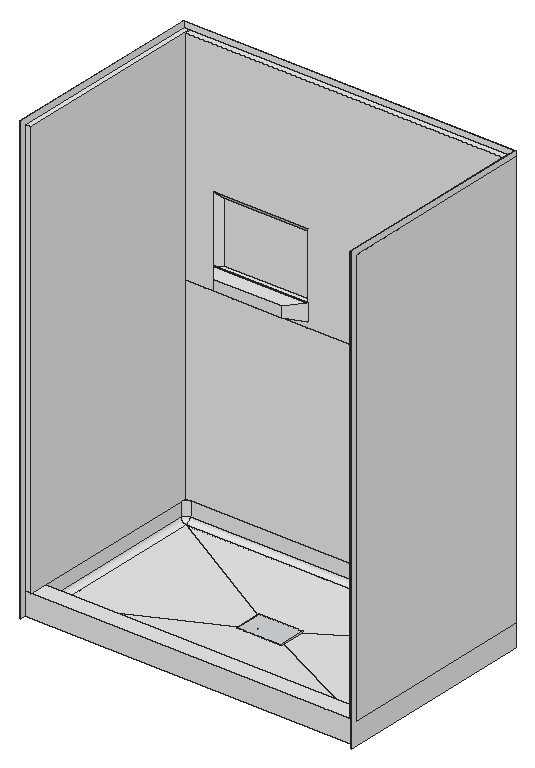
Revit family "5LBS6036SQ.V2", category Plumbing Fixtures, Revit 2019
Family settings
  Round Connector Dimension = Use Diameter
  Part Type = Normal
  OmniClass Number = 23.45.05.14.17
  OmniClass Title = Showers
  Work Plane-Based = No
  Always vertical = Yes
  Cut with Voids When Loaded = No
  Shared = No
  Room Calculation Point = No
Parameters (values of type "5LBS6030SQ.V2")
  Unit Width = 60"
  Unit Height = 80 1/2"
  Unit Depth = 37"
  URL = "http://www.bestbath.com/"
  Type Comments = "Remodeler"
  Model = "5LBS6030SQ.V2"
  Material [instance] = Best Bath Gelcoat Fiberglass - Smooth
  Manufacturer = "Best Bath Systems, Inc."
  Keynote = "22 40 00.B3"
  Description = "4 x 8 Subway Tile Finish"
  Assembly Code = "D2010710"
Reference planes (in)
  plane 1 "Back": y = -0.5
  plane 2: z = 0
  plane 3 "Left": x = 0
  plane 4: x = 60
  plane 5: z = 4
  plane 6: x = 30
  plane 7: y = 35.5
  plane 8: y = 17.5
  plane 9: x = 1.25
  plane 10: x = 58.75
  plane 11: y = 34.25
  plane 12: z = 0.625
  plane 13: z = 0.25
  plane 14: y = -1.5
  plane 15: z = 5
  plane 16: z = 39.5
  plane 17: z = 43.5
  plane 18: z = 80.5
Forms (in)
  Extrusion 1, solid, material "Best Bath Gelcoat Fiberglass - Smooth"
    sketch origin (0, 0, 0) x (1, 0, 0) y (0, 1, 0)
      loop
        line (0, -0.5) -> (1.25, -0.5) -> (1.25, 33.25)
        arc (1.25, 33.25) -> (1.54289, 33.95711) -> (2.25, 34.25) r 1
        line (2.25, 34.25) -> (57.75, 34.25)
        arc (57.75, 34.25) -> (58.45711, 33.95711) -> (58.75, 33.25) r 1
        line (58.75, 33.25) -> (58.75, -0.5) -> (60, -0.5) -> (60, 35.5) -> (0, 35.5) -> (0, -0.5)
    from 0 to 4
  Extrusion 2, solid, material "Best Bath Gelcoat Fiberglass - Smooth"
    sketch origin (0, 0, 0) x (1, 0, 0) y (0, 1, 0)
      loop
        line (0, -0.5) -> (60, -0.5) -> (60, 35.5) -> (0, 35.5) -> (0, -0.5)
    from 0 to 0.625
  Sweep 3, solid, material "Best Bath Gelcoat Fiberglass - Smooth"
    path origin (0, 0, 0) x (1, 0, 0) y (0, 1, 0)
      loop
        line (58.75, -0.5) -> (58.75, 33.25)
        arc (58.75, 33.25) -> (58.45711, 33.95711) -> (57.75, 34.25) r 1
        line (57.75, 34.25) -> (2.25, 34.25)
        arc (2.25, 34.25) -> (1.54289, 33.95711) -> (1.25, 33.25) r 1
        line (1.25, 33.25) -> (1.25, -0.5)
    profile origin (1.25, 16.375, 0) x (1, 0, 0) y (0, 0, 1)
      loop
        line (0, 0.625) -> (0.9, 0.625)
        arc (0.9, 0.625) -> (0.2636, 0.8886) -> (0, 1.525) r 0.9
        line (0, 1.525) -> (0, 0.625)
  Blend 4, void
    base sketch origin (0, 0, 0) x (1, 0, 0) y (0, 1, 0)
      loop
        line (2.25, 3.5147) -> (57.75, 3.5147) -> (57.75, 33.25) -> (2.25, 33.25) -> (2.25, 3.5147)
    top sketch origin (0, 0, 0) x (1, 0, 0) y (0, 1, 0)
      loop
        circle (30, 17.5) r 0.10467
    from 0.625 to 0.25
  Sweep 5, solid, material "Best Bath Gelcoat Fiberglass - Smooth"
    path origin (0, 0, 0) x (1, 0, 0) y (0, 1, 0)
      loop
        line (1.25, -0.5) -> (58.75, -0.5)
    profile origin (30, -0.5, 0) x (0, 1, 0) y (0, 0, 1)
      loop
        line (0, 4) -> (0, 0) -> (4.11592, 0) -> (3.00305, 4) -> (0, 4)
  Extrusion 6, solid, material "Best Bath Gelcoat Fiberglass - Smooth"
    sketch origin (0, 0, 0) x (1, 0, 0) y (0, 1, 0)
      loop
        line (0, -1.5) -> (0.125, -1.5) -> (0.125, 35.375) -> (59.875, 35.375) -> (59.875, -1.5) -> (60, -1.5) -> (60, 35.5) -> (0, 35.5) -> (0, -1.5)
    from 5 to 80.5
  Extrusion 7, void
    sketch origin (0, 6, 0.625) x (0, 1, 0) y (1, 0, 0)
      loop
        line (14, 26) -> (14, 34) -> (9, 34) -> (9, 26) -> (14, 26)
    from 0 to 0.5
  Extrusion 8, void
    sketch origin (0, -4, 0.625) x (0, 1, 0) y (1, 0, 0)
      loop
        circle (21.5, 30) r 1.75
    from 0 to 1.25
  Extrusion 9, solid
    sketch origin (0.25, 2, 0.125) x (0, 1, 0) y (-1, 0, 0)
      loop
        line (18, -25.75) -> (13, -25.75) -> (13, -33.75) -> (18, -33.75) -> (18, -25.75)
    from 0 to 0.25
  Extrusion 10, solid, material "Best Bath Gelcoat Fiberglass - Smooth"
    sketch origin (0, -0.86165, 0) x (1, 0, 0) y (0, 1, 0)
      loop
        line (1.25, 36.36165) -> (1.25, 35.11165) -> (58.75, 35.11165) -> (58.75, 36.36165) -> (1.25, 36.36165)
    from 4 to 39.5
  Extrusion 11, solid, material "Best Bath Gelcoat Fiberglass - Smooth"
    sketch origin (0, -0.86165, 0) x (1, 0, 0) y (0, 1, 0)
      loop
        line (1.25, 36.36165) -> (1.25, 35.11165) -> (58.75, 35.11165) -> (58.75, 36.36165) -> (1.25, 36.36165)
    from 39.5 to 79.5
  Extrusion 12, solid, material "Best Bath Gelcoat Fiberglass - Smooth"
    sketch origin (0.25, -0.86165, 0) x (1, 0, 0) y (0, 1, 0)
      loop
        line (-0.25, 0.36165) -> (1, 0.36165) -> (1, 36.36165) -> (-0.25, 36.36165) -> (-0.25, 0.36165)
      loop
        line (59.75, 0.36165) -> (59.75, 36.36165) -> (58.5, 36.36165) -> (58.5, 0.36165) -> (59.75, 0.36165)
    from 4 to 79.5
  Blend 13, solid, material "Best Bath Gelcoat Fiberglass - Smooth"
    base sketch origin (-32.5625, -38.86165, -0.375) x (1, 0, 0) y (0, 0, 1)
      loop
        line (56, 43.875) -> (39, 43.875) -> (39, 40.875) -> (56, 40.875) -> (56, 43.875)
    top sketch origin (-32.5625, -38.86165, -0.375) x (1, 0, 0) y (0, 0, 1)
      loop
        line (41.375, 43.875) -> (41.375, 42) -> (53.625, 42) -> (53.625, 43.875) -> (41.375, 43.875)
    from -73.11165 to -70.11165
  Blend 14, void
    base sketch origin (-32.5625, -39.36165, -0.375) x (1, 0, 0) y (0, 0, 1)
      loop
        line (39, 43.875) -> (56, 43.875) -> (56, 55.875) -> (39, 55.875) -> (39, 43.875)
    top sketch origin (-32.5625, -39.36165, -0.375) x (1, 0, 0) y (0, 0, 1)
      loop
        line (40, 43.875) -> (55, 43.875) -> (55, 54.875) -> (40, 54.875) -> (40, 43.875)
    from -73.61165 to -74.61165
  Extrusion 15, solid, material "Best Bath Gelcoat Fiberglass - Smooth"
    sketch origin (0, 0, 0) x (1, 0, 0) y (0, 1, 0)
      loop
        line (0, 35.5) -> (0, -1.5) -> (0.125, -1.5) -> (0.125, 35.375) -> (59.875, 35.375) -> (59.875, -1.5) -> (60, -1.5) -> (60, 35.5) -> (0, 35.5)
    from 0 to 5
  Blend 16, solid, material "Best Bath Gelcoat Fiberglass - Smooth"
    base sketch origin (92.5625, -38.86165, -0.375) x (-1, 0, 0) y (0, 0, -1)
      loop
        line (56, -43.875) -> (56, -40.875) -> (39, -40.875) -> (39, -43.875) -> (56, -43.875)
    top sketch origin (92.5625, -38.86165, -0.375) x (-1, 0, 0) y (0, 0, -1)
      loop
        line (41.375, -43.875) -> (53.625, -43.875) -> (53.625, -42) -> (41.375, -42) -> (41.375, -43.875)
    from -73.11165 to -70.11165
  Blend 17, void
    base sketch origin (92.5625, -39.36165, -0.375) x (-1, 0, 0) y (0, 0, -1)
      loop
        line (39, -43.875) -> (39, -55.875) -> (56, -55.875) -> (56, -43.875) -> (39, -43.875)
    top sketch origin (92.5625, -39.36165, -0.375) x (-1, 0, 0) y (0, 0, -1)
      loop
        line (40, -43.875) -> (40, -54.875) -> (55, -54.875) -> (55, -43.875) -> (40, -43.875)
    from -73.61165 to -74.61165
Cuts and joins
  Blend 4, Extrusion 7, Extrusion 8 cuts Extrusion 1
  Blend 4, Extrusion 7, Extrusion 8 cuts Extrusion 2
  Blend 4, Extrusion 7, Extrusion 8 cuts Sweep 3
  Extrusion 7, Extrusion 8 cuts Sweep 5
  Extrusion 7, Extrusion 8 cuts Extrusion 6
  joined: Extrusion 1, Extrusion 2, Sweep 3, Sweep 5, Extrusion 6, Extrusion 15
  Blend 14, Blend 17 cuts Extrusion 11
Dimensions and locks (in)
  "Unit Width": plane 3 "Left" to plane 4
  plane 3 "Left" to plane 6 to plane 4 = 30", 30"
  locked: plane 7 to plane 11 at 1.25
  locked: plane 10 to plane 4 at 1.25
  locked: plane 3 "Left" to plane 9 at 1.25
  locked: plane 7 to plane 8 at 18
  locked: plane 12 to plane 13 at 0.375
  locked: plane 12 to level at 0.625
  locked: plane 14 to plane 1 "Back" at 1
  "Unit Depth": plane 7 to plane 14
  "Unit Height": plane 18 to level
  locked: plane 16 to plane 5 at 35.5
  locked: plane 17 to plane 5 at 39.5
  aligned and locked: level to plane 2
  aligned and locked: Sweep 3 to plane 12
  aligned and locked: Sweep 3 sketch curve to plane 12
  aligned and locked: Extrusion 2 to plane 12
  aligned and locked: plane 8 to Blend 4 sketch curve
  aligned and locked: plane 6 to Blend 4 sketch curve
  aligned and locked: Extrusion 2 to Blend 4
  aligned and locked: Blend 4 to plane 13
  aligned and locked: plane 5 to Extrusion 1
  aligned and locked: plane 5 to Sweep 5
  aligned and locked: Extrusion 9 to cut or joined group 1 (Extrusion 1, Extrusion 2, Sweep 3, Blend 4, Sweep 5, Extrusion 6, Extrusion 7, Extrusion 8, Extrusion 15)  (x3)
  aligned and locked: cut or joined group 1 to Extrusion 9
  aligned and locked: Extrusion 11 to Extrusion 10
  aligned and locked: Extrusion 15 to Extrusion 6
  aligned and locked: plane 18 to Extrusion 6
  aligned and locked: Blend 14 sketch curve to plane 17  (x2)
Automatic sketch dimensions
  Extrusion 1 sketch curve to plane 3 "Left" = 0"
  Extrusion 1 sketch curve to plane 9 = 0"
  Extrusion 1 sketch curve to plane 11 = 0"
  plane 1 "Back" to Extrusion 1 sketch curve = 0"  (x2)
  Extrusion 1 sketch curve to plane 10 = 0"
  Extrusion 1 sketch curve to plane 4 = 0"
  Extrusion 1 sketch curve to plane 7 = 0"
  plane 9 to Extrusion 1 sketch curve = 1"
  Extrusion 1 sketch curve to plane 10 = 1"
  Extrusion 2 sketch curve to plane 3 "Left" = 0"
  Extrusion 2 sketch curve to plane 4 = 0"
  plane 1 "Back" to Extrusion 2 sketch curve = 0"
  Extrusion 2 sketch curve to plane 7 = 0"
  plane 1 "Back" to Sweep 3 sketch curve = 0"  (x2)
  Sweep 3 sketch curve to plane 9 = 0"
  Sweep 3 sketch curve to plane 11 = 0"
  Sweep 3 sketch curve to plane 10 = 0"
  plane 9 to Sweep 3 sketch curve = 1"
  Sweep 3 sketch curve to Sweep 3 sketch curve = 1"
  profile plane to Sweep 3 sketch curve = 0"
  Sweep 3 sketch curve to profile plane = 0.9"
  plane 9 to Blend 4 sketch curve = 1"
  Blend 4 sketch curve to plane 10 = 1"
  Blend 4 sketch curve to plane 1 "Back" = 4.0147"
  Blend 4 sketch curve to plane 11 = 1"
  plane 1 "Back" to Sweep 5 sketch curve = 0"
  Sweep 5 sketch curve to plane 9 = 0"
  Sweep 5 sketch curve to plane 10 = 0"
  Sweep 5 sketch curve to level = 0"
  Sweep 5 sketch curve to profile plane = 0"
  Sweep 5 sketch curve to Sweep 5 sketch curve = 3.00305"
  Sweep 5 sketch curve to Sweep 5 sketch curve = 4.11592"
  level to Sweep 5 sketch curve = 4"
  Extrusion 6 sketch curve to plane 3 "Left" = 0"
  Extrusion 6 sketch curve to plane 14 = 0"  (x2)
  Extrusion 6 sketch curve to plane 4 = 0"
  Extrusion 6 sketch curve to plane 7 = 0"
  plane 3 "Left" to Extrusion 6 sketch curve = 1/8"
  plane 4 to Extrusion 6 sketch curve = 1/8"
  Extrusion 6 sketch curve to plane 7 = 1/8"
  Extrusion 7 sketch curve to Extrusion 2 = 15 1/2"
  Extrusion 7 sketch curve to Extrusion 7 sketch curve = 5"
  Extrusion 7 sketch curve to Extrusion 2 = 26"
  Extrusion 7 sketch curve to Extrusion 7 sketch curve = 8"
  Extrusion 8 sketch curve to Extrusion 2 = 18"
  Extrusion 8 sketch curve to Extrusion 2 = 30"
  Extrusion 9 sketch curve to Extrusion 7 = 0"  (x4)
  Extrusion 10 sketch curve to plane 9 = 0"
  Extrusion 10 sketch curve to plane 10 = 0"
  Extrusion 10 sketch curve to plane 11 = 0"
  Extrusion 10 sketch curve to plane 7 = 0"
  Extrusion 11 sketch curve to plane 9 = 0"
  Extrusion 11 sketch curve to plane 10 = 0"
  Extrusion 11 sketch curve to plane 11 = 0"
  Extrusion 11 sketch curve to plane 7 = 0"
  Extrusion 12 sketch curve to plane 3 "Left" = 0"
  plane 1 "Back" to Extrusion 12 sketch curve = 0"  (x2)
  Extrusion 12 sketch curve to plane 9 = 0"
  Extrusion 12 sketch curve to plane 7 = 0"  (x2)
  Extrusion 12 sketch curve to plane 10 = 0"
  Extrusion 12 sketch curve to plane 4 = 0"
  Blend 13 sketch curve to plane 17 = 0"  (x2)
  plane 9 to Blend 13 sketch curve = 5 3/16"
  plane 16 to Blend 13 sketch curve = 1"
  plane 6 to Blend 13 sketch curve = 6 9/16"
  Blend 13 sketch curve to plane 17 = 1 7/8"
  plane 9 to Blend 13 sketch curve = 7 9/16"
  plane 6 to Blend 13 sketch curve = 8 15/16"
  plane 9 to Blend 14 sketch curve = 5 3/16"
  plane 6 to Blend 14 sketch curve = 6 9/16"
  plane 17 to Blend 14 sketch curve = 12"
  plane 9 to Blend 14 sketch curve = 6 3/16"
  plane 6 to Blend 14 sketch curve = 7 9/16"
  plane 17 to Blend 14 sketch curve = 11"
  Extrusion 15 sketch curve to plane 3 "Left" = 0"
  Extrusion 15 sketch curve to plane 14 = 0"  (x2)
  Extrusion 15 sketch curve to plane 4 = 0"
  Extrusion 15 sketch curve to plane 7 = 0"
  plane 3 "Left" to Extrusion 15 sketch curve = 1/8"
  plane 4 to Extrusion 15 sketch curve = 1/8"
  Extrusion 15 sketch curve to plane 7 = 1/8"
  Blend 16 sketch curve to plane 17 = 0"  (x2)
  Blend 16 sketch curve to plane 10 = 5 3/16"
  plane 16 to Blend 16 sketch curve = 1"
  Blend 16 sketch curve to plane 6 = 6 9/16"
  Blend 16 sketch curve to plane 17 = 1 7/8"
  Blend 16 sketch curve to plane 10 = 7 9/16"
  Blend 16 sketch curve to plane 6 = 8 15/16"
  Blend 17 sketch curve to plane 17 = 0"  (x2)
  Blend 17 sketch curve to plane 10 = 5 3/16"
  Blend 17 sketch curve to plane 6 = 6 9/16"
  Blend 17 sketch curve to Blend 17 sketch curve = 12"
  Blend 17 sketch curve to plane 10 = 6 3/16"
  Blend 17 sketch curve to plane 6 = 7 9/16"
  Blend 17 sketch curve to Blend 17 sketch curve = 11"
  radius of Blend 4 sketch curve = 0.10467"
  radius of Extrusion 8 sketch curve = 1 3/4"
